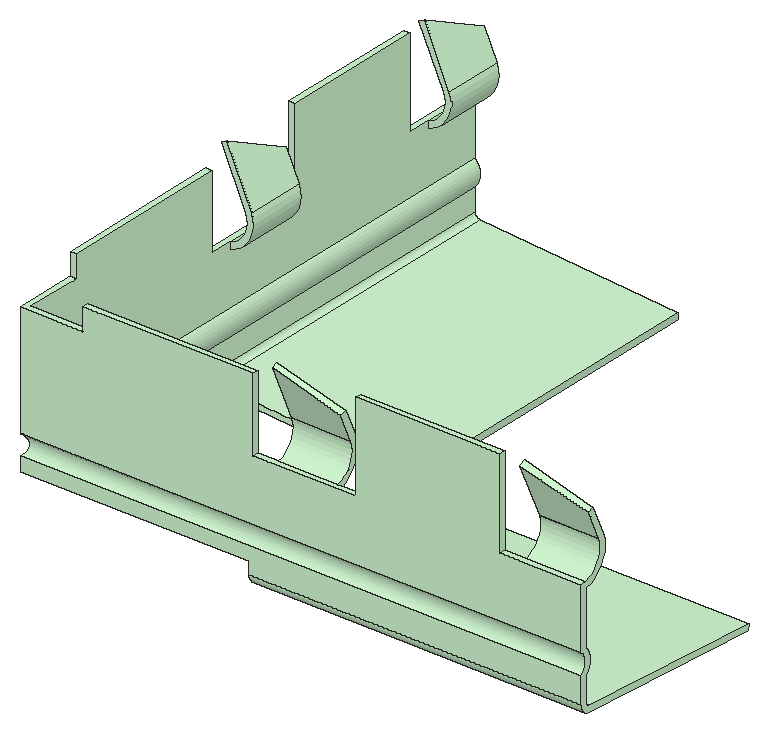
Revit family "AXLL-入隅ジョイント", category 機械設備, Revit 2020
Family settings
  丸型コネクタ寸法 = 直径を使用
  種別 = なし
  パーツ タイプ = 標準
  作業面ベース = いいえ
  常に垂直 = はい
  ロード時にボイドで切り取り = いいえ
  共有 = いいえ
  部屋計算ポイント = いいえ
Parameters
  製造元 = "株式会社桐井製作所"
  既定の高さ = 0 mm
  URL = "https://www.kirii.co.jp/"
  K_材質 = "溶融亜鉛めっき鋼板及び鋼帯 SGCC 一般用"
  K_品名 = "AXLL-入隅ジョイント"
  K_名称 = "AXLLバージョイント"
  K_入数 = "300"
  K_バージョン情報 = "20220915"
  K_めっき付着量 = "Z12"
  K_JIS規格 = "JIS G 3302"
Reference planes
  plane 1 "中心(正面/背面)": y = 0
  plane 2: z = 0
  plane 3 "中心(左/右)": x = 0
Forms (mm)
  Extrusion 1, solid
    sketch origin (0, 0, 0) x (0, 1, 0) y (0, 0, 1)
      loop
        line (0, 3.394) -> (0, 6.496)
        arc (0, 6.496) -> (0.7, 8.246) -> (0, 9.996) r 2.537
        line (0, 9.996) -> (0, 30) -> (-0.8, 30) -> (-0.8, 9.64)
        arc (-0.8, 9.64) -> (-0.1, 8.246) -> (-0.8, 6.852) r 1.738
        line (-0.8, 6.852) -> (-0.8, 3.394)
        arc (-0.8, 3.394) -> (-0.397, 2.371) -> (0.594, 1.897) r 1.5
        line (0.594, 1.897) -> (27.444, 0) -> (27.5, 0.798) -> (0.651, 2.695)
        arc (0.651, 2.695) -> (0.188, 2.917) -> (0, 3.394) r 0.7
    from -0.8 to 75.2
  Extrusion 2, void
    sketch origin (23.5, 0, 0) x (1, 0, 0) y (0, 0, 1)
      loop
        line (51.7, 17.996) -> (51.7, 30) -> (40.7, 30) -> (40.7, 17.996) -> (51.7, 17.996)
    from 0 to 0.8
  Extrusion 3, void
    sketch origin (0, 0, 0) x (0, 1, 0) y (0, 0, 1)
      loop
        line (75.2, 17.996) -> (75.2, 30) -> (64.2, 30) -> (64.2, 17.996) -> (75.2, 17.996)
    from -0.8 to 0
  Extrusion 4, solid
    sketch origin (-0.8, 0, 0) x (-1, 0, 0) y (0, 0, -1)
      loop
        line (-0.8, -30) -> (0, -30) -> (0, -9.64)
        arc (0, -9.64) -> (-0.7, -8.246) -> (0, -6.852) r 1.738
        line (0, -6.852) -> (0, -3.394)
        arc (0, -3.394) -> (-0.403, -2.371) -> (-1.394, -1.897) r 1.5
        line (-1.394, -1.897) -> (-28.244, 0) -> (-28.3, -0.798) -> (-1.451, -2.695)
        arc (-1.451, -2.695) -> (-0.988, -2.917) -> (-0.8, -3.394) r 0.7
        line (-0.8, -3.394) -> (-0.8, -6.496)
        arc (-0.8, -6.496) -> (-1.5, -8.246) -> (-0.8, -9.996) r 2.537
        line (-0.8, -9.996) -> (-0.8, -30)
    from -75.2 to 0
  Extrusion 5, void
    sketch origin (0, 0, 0) x (1, 0, 0) y (0, 1, 0)
      loop
        line (30.2, 30.2) -> (-0.8, 30.2) -> (-0.8, -0.8) -> (30.2, -0.8) -> (30.2, 30.2)
    from 0 to 4.996
  Extrusion 6, void
    sketch origin (0, 0, 0) x (0, 1, 0) y (0, 0, 1)
      loop
        line (44.7, 17.996) -> (44.7, 30) -> (-0.8, 30) -> (-0.8, 24.996) -> (7.7, 24.996) -> (7.7, 27.996) -> (30.7, 27.996) -> (30.7, 17.996) -> (44.7, 17.996)
    from -0.8 to 0
  Extrusion 7, void
    sketch origin (0, -0.8, 0) x (1, 0, 0) y (0, 0, 1)
      loop
        line (44.7, 30) -> (-0.8, 30) -> (-0.8, 24.996) -> (7.7, 24.996) -> (7.7, 27.996) -> (30.7, 27.996) -> (30.7, 17.996) -> (44.7, 17.996) -> (44.7, 30)
    from -0.8 to 0
  Extrusion 8, void
    sketch origin (12.585, 0, 0.864) x (0, 1, 0) y (-0.406186, 0, 0.913791)
      loop
        line (75.2, 28) -> (75.2, 32) -> (67.2, 32) -> (75.2, 28)
    from -0.8 to 0
  Extrusion 9, solid
    sketch origin (0, -1.4, -1.825) x (-1, 0, 0) y (0, 0, -1)
      loop
        line (1.144, -31.605) -> (-2.199, -24.083)
        arc (-2.199, -24.083) -> (-2.047, -21.458) -> (0, -19.821) r 3.2
        line (0, -19.821) -> (0, -19)
        arc (0, -19) -> (-2.72, -21.019) -> (-2.915, -24.402) r 4
        line (-2.915, -24.402) -> (0.413, -31.93) -> (1.144, -31.605)
    from -76.6 to -68.6
  Extrusion 10, solid
    sketch origin (0, -34.9, -1.825) x (-1, 0, 0) y (0, 0, -1)
      loop
        line (1.144, -31.605) -> (-2.199, -24.083)
        arc (-2.199, -24.083) -> (-2.047, -21.458) -> (0, -19.821) r 3.2
        line (0, -19.821) -> (0, -19)
        arc (0, -19) -> (-2.72, -21.019) -> (-2.915, -24.402) r 4
        line (-2.915, -24.402) -> (0.413, -31.93) -> (1.144, -31.605)
    from -76.6 to -68.6
  Extrusion 11, void
    sketch origin (12.585, -33.5, 0.864) x (0, 1, 0) y (-0.406186, 0, 0.913791)
      loop
        line (75.2, 28) -> (75.2, 32) -> (67.2, 32) -> (75.2, 28)
    from -0.8 to 0
  Extrusion 12, solid
    sketch origin (110.246, 0, -1.825) x (0, -1, 0) y (0, 0, -1)
      loop
        line (1.144, -31.605) -> (-2.199, -24.083)
        arc (-2.199, -24.083) -> (-2.047, -21.458) -> (0, -19.821) r 3.2
        line (0, -19.821) -> (0, -19)
        arc (0, -19) -> (-2.72, -21.019) -> (-2.915, -24.402) r 4
        line (-2.915, -24.402) -> (0.413, -31.93) -> (1.144, -31.605)
    from -76.6 to -68.6
  Extrusion 13, void
    sketch origin (-33.554, 12.585, 0.864) x (1, 0, 0) y (0, 0.406186, -0.913791)
      loop
        line (75.2, -28) -> (67.2, -32) -> (75.2, -32) -> (75.2, -28)
    from -0.8 to 0
  Extrusion 14, solid
    sketch origin (143.8, 0, -1.825) x (0, -1, 0) y (0, 0, -1)
      loop
        line (1.144, -31.605) -> (-2.199, -24.083)
        arc (-2.199, -24.083) -> (-2.047, -21.458) -> (0, -19.821) r 3.2
        line (0, -19.821) -> (0, -19)
        arc (0, -19) -> (-2.72, -21.019) -> (-2.915, -24.402) r 4
        line (-2.915, -24.402) -> (0.413, -31.93) -> (1.144, -31.605)
    from -76.6 to -68.6
  Extrusion 15, void
    sketch origin (0, 12.585, 0.864) x (1, 0, 0) y (0, 0.406186, -0.913791)
      loop
        line (75.2, -28) -> (67.2, -32) -> (75.2, -32) -> (75.2, -28)
    from -0.8 to 0
  Extrusion 16, void
    sketch origin (0, 0, 0) x (1, 0, 0) y (0, 0, 1)
      loop
        line (-0.8, 9.64) -> (-0.8, 6.852)
        arc (-0.8, 6.852) -> (-0.1, 8.246) -> (-0.8, 9.64) r 1.738
    from -0.8 to 0.8
Cuts and joins
  Extrusion 2, Extrusion 5, Extrusion 6, Extrusion 7, Extrusion 16 cuts Extrusion 1
  Extrusion 3, Extrusion 5, Extrusion 6, Extrusion 7, Extrusion 8, Extrusion 16 cuts Extrusion 4
  Extrusion 8 cuts Extrusion 9
  Extrusion 11 cuts Extrusion 10
  Extrusion 13 cuts Extrusion 12
  Extrusion 15 cuts Extrusion 14
  joined: Extrusion 1, Extrusion 4, Extrusion 9, Extrusion 10, Extrusion 12, Extrusion 14
Dimensions and locks
  aligned and locked: level to plane 2
